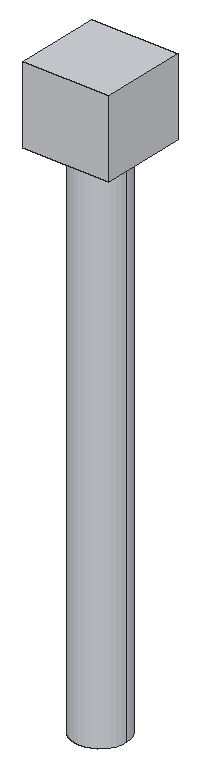
Revit family "BASE ISOLATOR - (I SF)", category Structural Foundations, Revit 2017
Family settings
  Material for Model Behavior = Concrete
  Cap = No
  OmniClass Number = 23.25.05.11
  OmniClass Title = Foundation Piles
  Work Plane-Based = No
  Always vertical = Yes
  Cut with Voids When Loaded = No
  Shared = No
Parameters (values of type "TYPE 1")
  Width = 3' - 3"
  Thickness = 2' - 11"
  Structural Material [instance] = none
  Pile Type = Pile-Steel Pipe : 24" Diameter
  Length = 3' - 3"
  Cut-off = 0' - 6"
  Assembly Code = "A1010130"
Reference planes (in)
  plane 1 "Center (Front/Back)": y = 0
  plane 2: z = 0
  plane 3 "Center (Left/Right)": x = 0
  plane 4: z = -35
  plane 5: y = 19.5
  plane 6: x = -19.5
  plane 7: x = 19.5
  plane 8: z = -29
  plane 9: y = -19.5
Forms (in)
  Extrusion 1, solid, material <- "Structural Material"
    sketch origin (0, 0, 0) x (1, 0, 0) y (0, 1, 0)
      loop
        line (-19.5, 19.5) -> (-19.5, -19.5) -> (19.5, -19.5) -> (19.5, 19.5) -> (-19.5, 19.5)
    from -35 to 0
Dimensions and locks (in)
  "Thickness": plane 2 to plane 4
  equal spacing: plane 6, plane 3 "Center (Left/Right)", plane 7  (x2)
  "Cut-off": plane 4 to plane 8
  equal spacing: plane 5, plane 1 "Center (Front/Back)", plane 9
  "Length": plane 5 to plane 9
  "Width": plane 6 to plane 7
  aligned and locked: plane 6 to Extrusion 1 sketch curve
  aligned and locked: Extrusion 1 sketch curve to plane 5
  aligned and locked: Extrusion 1 sketch curve to plane 7
  aligned and locked: plane 4 to Extrusion 1
  aligned and locked: level to Extrusion 1
  aligned and locked: Extrusion 1 to plane 9
  aligned and locked: plane 1 "Center (Front/Back)" to nested 1
  aligned and locked: plane 3 "Center (Left/Right)" to nested 1
  aligned and locked: plane 8 to nested 1
  aligned and locked: nested 1 to plane 8  (x2)
Automatic sketch dimensions
  Extrusion 1 sketch curve to plane 9 = 0' - 0"
Nested families (in)
  nested 1: "Pile-Steel Pipe" at (0, 0, -35), type <- "Pile Type", type "24" Diameter"
    with Radius 1' - 0", Diameter 2' - 0"
Definition of nested family "Pile-Steel Pipe"
  Parameters
    Structural Material [instance] = none
    Radius = Diameter / 2  # 0' - 10"
    Minimum Embedment = 0' - 6"
    Diameter = 1' - 8"
    Depth = 20' - 0"
    Assembly Code = "A1020130"
  Reference planes (in)
    plane 1 "Center (Front/Back)": y = 0
    plane 2: z = 0
    plane 3 "Center (Left/Right)": x = 0
    plane 4: z = -240
    plane 5: z = 6
  Forms (in)
    Extrusion 1, solid, material <- "Structural Material"
      sketch origin (0, 0, 0) x (1, 0, 0) y (0, 1, 0)
        loop
          circle (0, 0) r 10
      from -240 to 6
  Dimensions and locks (in)
    "Depth": plane 2 to plane 4
    "Minimum Embedment": plane 5 to plane 2
    "Radius": radius of Extrusion 1 sketch curve
    aligned and locked: Extrusion 1 to plane 4
    aligned and locked: Extrusion 1 to plane 5
  Automatic sketch dimensions
    Extrusion 1 sketch curve to plane 1 "Center (Front/Back)" = 0' - 0"
    Extrusion 1 sketch curve to plane 3 "Center (Left/Right)" = 0' - 0"
